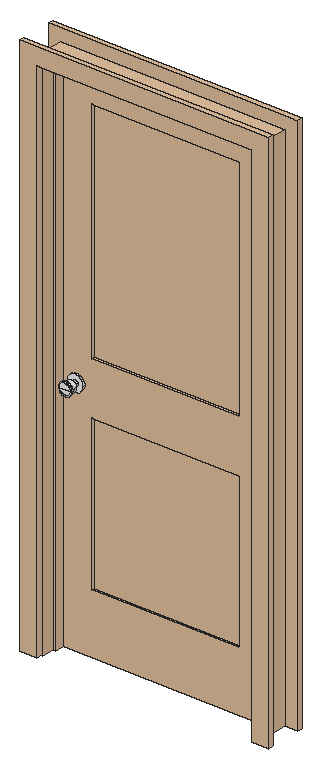
Revit family "M_Porta-Interna-Única-2_Painel-Madeira", category Portas, Revit 2019
Family settings
  Hospedeiro = Parede
  Número OmniClass = 23.30.10.00
  Título OmniClass = Doors
  Sempre na vertical = Sim
  Corte com vazios quando carregada = Não
  Compartilhado = Não
  Ponto de cálculo do ambiente = Não
Parameters
  Visual Light Transmittance = 0
  Material da apara = Cerejeira
  Corrimão superior = 120 mm
  Espessura = 35 mm
  Resistência térmica (R) = 0.455703 (m²·K)/W
  Ângulo de abertura [instance] = 90.00°
  Estilos = 120 mm
  Solar Heat Gain Coefficient = 0
  Rough Width = Width + 50 mm  # 850 mm
  Altura bruta = Altura + 25 mm  # 2025 mm
  Material do painel = Cerejeira
  Bloquear corrimão = 200 mm
  Altura = 2000 mm
  Fechamento da parede = Por hospedeiro
  Width = 800 mm
  Coeficiente de transferência de calor (U) = 2.19465 W/(m²·K)
  Função = Interior
  Material da moldura = Cerejeira
  Material da maçaneta = Alumín. 1
  Corrimão inferior = 230 mm
  Código de montagem = "C1020300"
  Construção analítica = "Madeira"
Reference planes
  plane 1 "Centro (Frente/Trás)": y = 0
  plane 2 "Centro (Esquerda/Direita)": x = 0
  plane 3 "Esquerda": x = -425
  plane 4 "Direita": x = 425
  plane 5 "Superior": z = 2025
  plane 6 "Exterior": y = 53.975
  plane 7 "Interior": y = -60.325
  plane 8 "Painel esquerdo da porta": x = -400
  plane 9 "Painel direito da porta": x = 400
  plane 10 "Topo do painel": z = 2000
  plane 11: z = 0
  plane 12: z = 0
  plane 13: x = 418.65
  plane 14: y = 18.975
  plane 15: y = -15.95
  plane 16: x = 387.3
  plane 17: y = 18.975
  plane 18: z = 230
  plane 19: z = 1880
  plane 20: x = 280
  plane 21: x = -280
  plane 22: z = 814.4
  plane 23: z = 1014.4
  plane 24: y = 30.642
  plane 25: y = 42.308
  plane 26: z = 914.4
Forms (mm)
  Sweep 1, solid, material "Cerejeira" <- "Material da moldura"
    path origin (0, 0, 0) x (1, 0, 0) y (0, 0, 1)
      loop
        line (425, 0) -> (425, 2025) -> (-425, 2025) -> (-425, 0)
    profile origin (425, 0, 1012.5) x (-1, 0, 0) y (0, -1, 0)
      loop
        line (25, -53.975) -> (25, -18.975) -> (37.7, -18.975) -> (37.7, 15.95) -> (25, 15.95) -> (25, 60.325) -> (0, 60.325) -> (0, -53.975) -> (25, -53.975)
  Extrusion 2, solid, material "Cerejeira" <- "Material do painel"
    sketch origin (0, 0, 0) x (1, 0, 0) y (0, 0, 1)
      loop
        line (400, 2000) -> (-400, 2000) -> (-400, 0) -> (400, 0) -> (400, 2000)
      loop
        line (280, 1880) -> (-280, 1880) -> (-280, 1014.4) -> (280, 1014.4) -> (280, 1880)
      loop
        line (280, 814.4) -> (-280, 814.4) -> (-280, 230) -> (280, 230) -> (280, 814.4)
    from -53.975 to -18.975
  Extrusion 3, solid, material "Cerejeira" <- "Material do painel"
    sketch origin (0, 0, 0) x (1, 0, 0) y (0, 0, 1)
      loop
        line (280, 1880) -> (-280, 1880) -> (-280, 1014.4) -> (280, 1014.4) -> (280, 1880)
      loop
        line (280, 814.4) -> (-280, 814.4) -> (-280, 230) -> (280, 230) -> (280, 814.4)
    from -42.308 to -30.642
  Sweep 4, solid, material "Cerejeira" <- "Material da apara", detail levels fine
    path origin (0, 53.975, 0) x (1, 0, 0) y (0, 0, 1)
      loop
        line (400, 0) -> (400, 2000) -> (-400, 2000) -> (-400, 0)
    profile "Perfil de caixa-plano : 20 x 65mm" origin (400, 53.975, 1000) x (-1, 0, 0) y (0, -1, 0)
      loop
        line (-6.35, -20) -> (-6.35, 0) -> (-71.35, 0) -> (-71.35, -20) -> (-6.35, -20)
  Sweep 5, solid, material "Cerejeira" <- "Material da apara", detail levels fine
    path origin (0, -60.325, 0) x (1, 0, 0) y (0, 0, 1)
      loop
        line (400, 0) -> (400, 2000) -> (-400, 2000) -> (-400, 0)
    profile "Perfil de caixa-plano : 20 x 65mm" origin (400, -60.325, 1000) x (-1, 0, 0) y (0, -1, 0)
      loop
        line (-6.35, 20) -> (-71.35, 20) -> (-71.35, 0) -> (-6.35, 0) -> (-6.35, 20)
Lines and regions (mm)
  Opening 1
    outline origin (-2286, -60.325, 0) x (1, 0, 0) y (0, 0, 1)
      loop
        line (1861, 0) -> (2711, 0) -> (2711, 2025) -> (1861, 2025) -> (1861, 0)
  Masking region 1, detail levels coarse+medium
    outline origin (0, 0, 0) x (1, 0, 0) y (0, 1, 0)
      loop
        line (-425, 53.975) -> (-425, -60.325) -> (-400, -60.325) -> (-400, 53.975) -> (-425, 53.975)
      loop
        line (425, 53.975) -> (400, 53.975) -> (400, -60.325) -> (425, -60.325) -> (425, 53.975)
  Masking region 2, detail levels fine
    outline origin (-25.4, 0, 0) x (1, 0, 0) y (0, 1, 0)
      loop
        line (-399.6, 53.975) -> (-399.6, -60.325) -> (-374.6, -60.325) -> (-374.6, -15.95) -> (-361.9, -15.95) -> (-361.9, 18.975) -> (-374.6, 18.975) -> (-374.6, 53.975) -> (-399.6, 53.975)
      loop
        line (450.4, 53.975) -> (425.4, 53.975) -> (425.4, 18.975) -> (412.7, 18.975) -> (412.7, -15.95) -> (425.4, -15.95) -> (425.4, -60.325) -> (450.4, -60.325) -> (450.4, 53.975)
  Masking region 3, detail levels fine
    outline origin (0, 0, 0) x (1, 0, 0) y (0, 1, 0)
      loop
        line (-471.35, 73.975) -> (-471.35, 53.975) -> (-406.35, 53.975) -> (-406.35, 73.975) -> (-471.35, 73.975)
      loop
        line (-471.35, -60.325) -> (-471.35, -80.325) -> (-406.35, -80.325) -> (-406.35, -60.325) -> (-471.35, -60.325)
      loop
        line (406.35, 73.975) -> (406.35, 53.975) -> (471.35, 53.975) -> (471.35, 73.975) -> (406.35, 73.975)
      loop
        line (406.35, -60.325) -> (406.35, -80.325) -> (471.35, -80.325) -> (471.35, -60.325) -> (406.35, -60.325)
  Masking region 4
    outline origin (0, 0, 0) x (0, 1, 0) y (0, 0, 1)
      loop
        line (53.975, 2025) -> (-60.325, 2025) -> (-60.325, 2018.65) -> (53.975, 2018.65) -> (53.975, 2025)
  symbolic lines, style "Giro da elevação"
    curve 1: line (-400, 53.975, 2000) -> (400, 53.975, 1000)
    curve 2: line (400, 53.975, 1000) -> (-400, 53.975, 0)
Text (mm)
  text "Exterior" at (-1904.17, 693.701, 0), in view "Nível de referência"
  text "Interior" at (-1904.17, -638.649, 0), in view "Nível de referência"
  text "Exterior" at (0, 1019.848, 3124.603), in view "Direita"
  text "Interior" at (0, -1635.541, 3124.603), in view "Direita"
  text "Interior" at (0, -787.806, 3124.376), in view "Esquerda"
  text "Exterior" at (0, 1386.095, 3124.376), in view "Esquerda"
Dimensions and locks
  equal spacing: plane 3 "Esquerda", plane 2 "Centro (Esquerda/Direita)", plane 4 "Direita"
  "Altura bruta": level to plane 5 "Superior"
  equal spacing: plane 8 "Painel esquerdo da porta", plane 2 "Centro (Esquerda/Direita)", plane 9 "Painel direito da porta"
  "Width": plane 8 "Painel esquerdo da porta" to plane 9 "Painel direito da porta"
  "Altura": level to plane 10 "Topo do painel"
  plane 11 to plane 12 = 0 mm
  locked: plane 13 to plane 4 "Direita" at 6.35
  "Espessura": plane 14 to plane 6 "Exterior"
  locked: plane 14 to plane 15 at 34.925
  locked: plane 16 to plane 9 "Painel direito da porta" at 12.7
  "Espessura": plane 6 "Exterior" to plane 17
  "Rough Width": plane 3 "Esquerda" to plane 4 "Direita"
  "Corrimão superior": plane 19 to plane 10 "Topo do painel"
  "Estilos": plane 20 to plane 9 "Painel direito da porta"
  "Estilos": plane 8 "Painel esquerdo da porta" to plane 21
  "Bloquear corrimão": plane 22 to plane 23
  equal spacing: plane 17, plane 24, plane 25, plane 6 "Exterior"
  locked: plane 12 to plane 26 at 914.4
  equal spacing: plane 22, plane 26, plane 23
  equal spacing: plane 12, curve 2, plane 10 "Topo do painel"
  "Corrimão inferior": plane 18 to plane 11
  locked: plane 5 "Superior" to Masking region 4 sketch curve at 6.35
  aligned and locked: plane 3 "Esquerda" to Opening 1 sketch curve
  aligned and locked: plane 5 "Superior" to Opening 1 sketch curve  (x2)
  aligned and locked: Opening 1 sketch curve to plane 4 "Direita"
  aligned and locked: Opening 1 sketch curve to level
  aligned and locked: plane 6 "Exterior" to host wall
  aligned and locked: plane 7 "Interior" to host wall
  aligned and locked: plane 5 "Superior" to Sweep 1 sketch curve
  aligned and locked: plane 4 "Direita" to Sweep 1 sketch curve
  aligned and locked: Sweep 1 sketch curve to plane 3 "Esquerda"
  aligned and locked: plane 11 to level
  aligned and locked: plane 11 to Sweep 1 sketch curve  (x2)
  aligned and locked: Sweep 1 sketch curve to plane 9 "Painel direito da porta"
  aligned and locked: Sweep 1 sketch curve to host wall
  aligned and locked: Sweep 1 sketch curve to plane 7 "Interior"
  aligned and locked: Sweep 1 sketch curve to plane 15
  aligned and locked: Sweep 1 sketch curve to plane 16
  aligned and locked: plane 14 to Sweep 1 sketch curve
  aligned and locked: Extrusion 2 sketch curve to plane 10 "Topo do painel"
  aligned and locked: Extrusion 2 sketch curve to plane 8 "Painel esquerdo da porta"
  aligned and locked: plane 9 "Painel direito da porta" to Extrusion 2 sketch curve
  aligned and locked: Extrusion 2 sketch curve to plane 12
  aligned and locked: Extrusion 2 to plane 17
  aligned and locked: Extrusion 2 to plane 6 "Exterior"
  aligned and locked: Extrusion 2 sketch curve to plane 19
  aligned and locked: Extrusion 2 sketch curve to plane 21  (x2)
  aligned and locked: plane 23 to Extrusion 2 sketch curve
  aligned and locked: plane 20 to Extrusion 2 sketch curve  (x2)
  aligned and locked: Extrusion 2 sketch curve to plane 22
  aligned and locked: plane 18 to Extrusion 2 sketch curve
  aligned and locked: Extrusion 3 sketch curve to plane 19
  aligned and locked: plane 20 to Extrusion 3 sketch curve  (x2)
  aligned and locked: Extrusion 3 sketch curve to plane 21  (x2)
  aligned and locked: plane 23 to Extrusion 3 sketch curve
  aligned and locked: Extrusion 3 sketch curve to plane 22
  aligned and locked: plane 18 to Extrusion 3 sketch curve
  aligned and locked: plane 25 to Extrusion 3
  aligned and locked: Extrusion 3 to plane 24
  aligned and locked: nested 1 to plane 9 "Painel direito da porta"
  aligned and locked: plane 6 "Exterior" to nested 1
  aligned and locked: nested 2 to plane 8 "Painel esquerdo da porta"
  aligned and locked: plane 6 "Exterior" to nested 2
  aligned and locked: plane 8 "Painel esquerdo da porta" to nested 3
  aligned and locked: nested 3 to plane 17
  aligned and locked: plane 9 "Painel direito da porta" to Sweep 4 sketch curve
  aligned and locked: Sweep 4 sketch curve to plane 8 "Painel esquerdo da porta"
  aligned and locked: Sweep 4 sketch curve to plane 10 "Topo do painel"
  aligned and locked: Sweep 5 sketch curve to plane 9 "Painel direito da porta"
  aligned and locked: plane 10 "Topo do painel" to Sweep 5 sketch curve
  aligned and locked: plane 8 "Painel esquerdo da porta" to Sweep 5 sketch curve
  aligned and locked: Masking region 1 sketch curve to plane 3 "Esquerda"
  aligned and locked: plane 8 "Painel esquerdo da porta" to Masking region 1 sketch curve
  aligned and locked: Masking region 1 sketch curve to plane 7 "Interior"
  aligned and locked: plane 6 "Exterior" to Masking region 1 sketch curve
  aligned and locked: plane 9 "Painel direito da porta" to Masking region 1 sketch curve
  aligned and locked: Masking region 1 sketch curve to plane 4 "Direita"
  aligned and locked: plane 7 "Interior" to Masking region 1 sketch curve
  aligned and locked: Masking region 1 sketch curve to plane 6 "Exterior"
  aligned and locked: plane 11 to Sweep 4 sketch curve  (x2)
  aligned and locked: plane 11 to Sweep 5 sketch curve  (x2)
  aligned and locked: plane 8 "Painel esquerdo da porta" to Masking region 2 sketch curve
  aligned and locked: Masking region 2 sketch curve to plane 3 "Esquerda"
  aligned and locked: Masking region 2 sketch curve to plane 7 "Interior"
  aligned and locked: plane 6 "Exterior" to Masking region 2 sketch curve
  aligned and locked: Masking region 2 sketch curve to nested 2  (x2)
  aligned and locked: Masking region 2 sketch curve to Sweep 1  (x3)
  aligned and locked: Masking region 3 sketch curve to Sweep 4  (x6)
  aligned and locked: Masking region 3 sketch curve to plane 6 "Exterior"  (x2)
  aligned and locked: plane 7 "Interior" to Masking region 3 sketch curve  (x2)
  aligned and locked: Masking region 3 sketch curve to Sweep 5  (x6)
  aligned and locked: Masking region 2 sketch curve to plane 4 "Direita"
  aligned and locked: plane 9 "Painel direito da porta" to Masking region 2 sketch curve  (x3)
  aligned and locked: plane 17 to Masking region 2 sketch curve
  aligned and locked: Sweep 1 to Masking region 2 sketch curve
  aligned and locked: Sweep 1 sketch curve to profile plane
  aligned and locked: plane 5 "Superior" to Masking region 4 sketch curve
  aligned and locked: plane 6 "Exterior" to Masking region 4 sketch curve
  aligned and locked: Masking region 4 sketch curve to plane 7 "Interior"
Automatic sketch dimensions
  plane 16 to Sweep 1 sketch curve = 12.7 mm
  curve 2 to level = 0 mm
  curve 2 to plane 8 "Painel esquerdo da porta" = 0 mm
  curve 1 to plane 8 "Painel esquerdo da porta" = 0 mm
  curve 2 to plane 9 "Painel direito da porta" = 0 mm
  curve 1 to plane 10 "Topo do painel" = 0 mm
  Masking region 2 sketch curve to host wall = 0 mm  (x2)
  Masking region 2 sketch curve to plane 17 = 0 mm
Nested families
  nested 1: "Porta com abertura única" at (400, 53.975, 0), Ângulo de abertura <- "Ângulo de abertura", type "Único"
    with Abertura visível yes, Ângulo de abertura 90.00°, Ângulo real 90.00°, Width 800 mm, Espessura 35 mm
  nested 2: "M_Maçaneta residencial" at (-400, 53.975, 914.4), type "Padrão", detail levels fine
    with Handle X Distance 63.5 mm
  nested 3: "M_Maçaneta residencial" at (-400, 18.975, 914.4), type "Padrão", detail levels fine
    with Handle X Distance 63.5 mm
Definition of nested family "M_Maçaneta residencial"
  Parameters (values of type "Padrão")
    Manufacturer = ""
    Material = none
    Handle Z Distance = 0 mm
    Handle X Distance = 65 mm
    Analytic Construction = "<Nenhum>"
  Reference planes
    plane 1 "Centro (Frente/Trás)": y = 0
    plane 2: z = 0
    plane 3 "Centro (Esquerda/Direita)": x = 0
    plane 4: z = 0
    plane 5: x = 65
  Forms (mm)
    Extrusion 1, solid, material <- "Material"
      sketch origin (0, 0, 0) x (1, 0, 0) y (0, 0, 1)
        loop
          circle (65, 0) r 30
      from 0 to -6
    Revolve 2, solid, material <- "Material"
      sketch origin (0, 0, 0) x (0, -1, 0) y (1, 0, 0)
        loop
          line (-25, 55) -> (-6, 55) -> (-6, 65) -> (-55, 65) -> (-55, 44.524) -> (-53.172, 40) -> (-49.708, 40) -> (-25, 46.364) -> (-25, 55)
        axis (-6, 65) -> (-55, 65)
      angle from 0 to 360
  Dimensions and locks
    "Handle Z Distance": plane 4 to level
    "Handle X Distance": plane 5 to plane 3 "Centro (Esquerda/Direita)"
  Automatic sketch dimensions
    Extrusion 1 sketch curve to plane 4 = 0 mm
    Extrusion 1 sketch curve to plane 5 = 0 mm
    Revolve 2 sketch curve to plane 5 = 0 mm  (x2)
    Revolve 2 sketch curve to plane 1 "Centro (Frente/Trás)" = 66 mm
    Revolve 2 sketch curve to Revolve 2 sketch curve = 11 mm
    Revolve 2 sketch curve to Revolve 2 sketch curve = 1.828 mm
    Revolve 2 sketch curve to Revolve 2 sketch curve = 3.464 mm
    Revolve 2 sketch curve to plane 1 "Centro (Frente/Trás)" = 25 mm
    Revolve 2 sketch curve to plane 1 "Centro (Frente/Trás)" = 6 mm
    Revolve 2 sketch curve to Revolve 2 sketch curve = 0 mm
    Revolve 2 sketch curve to Revolve 2 sketch curve = 10 mm
    Revolve 2 sketch curve to Revolve 2 sketch curve = 8.636 mm
    Revolve 2 sketch curve to Revolve 2 sketch curve = 20.476 mm
    Revolve 2 sketch curve to Revolve 2 sketch curve = 4.524 mm
    radius of Extrusion 1 sketch curve = 30 mm
Definition of nested family "Porta com abertura única"
  Parameters (values of type "Único")
    Width = 900 mm
    Thickness = 45 mm
    Abertura visível [instance] = Ângulo de abertura > 1.00°  # yes
    Ângulo de abertura [instance] = 45.00°
    Assembly Code = ""
    Analytic Construction = "<Nenhum>"
    Ângulo real [instance] = if(Ângulo de abertura < 1.00°, 1.00°, Ângulo de abertura)  # 45.00°
  Reference planes
    plane 1 "Centro (Frente/Trás)": y = 0
    plane 2: z = 0
    plane 3 "Centro (Esquerda/Direita)": x = 0
    plane 4: x = -900
  Lines and regions (mm)
    Masking region 1
      outline origin (0, 0, 0) x (-0.707107, 0.707107, 0) y (-0.707107, -0.707107, 0)
        loop
          line (0, 0) -> (900, 0) -> (900, 45) -> (0, 45) -> (0, 0)
    symbolic lines
      curve 1: line (0, 0, 0) -> (-900, 0, 0)
    symbolic lines, visible <- "Abertura visível"
      curve 2: arc (-900, 0, 0) -> (-831.492, 344.415, 0) -> (-636.396, 636.396, 0) r 900
    reference lines
      curve 3: line (0, 0, 0) -> (-636.396, 636.396, 0)
    model lines
      curve 4: line (0, 0, 0) -> (0, 0, 25.4)
  Dimensions and locks
    "Width": plane 4 to plane 3 "Centro (Esquerda/Direita)"
    locked: curve 2 to plane 3 "Centro (Esquerda/Direita)"
    locked: curve 2 to plane 1 "Centro (Frente/Trás)"
    "Width": curve 3 to curve 3
    "Thickness": Masking region 1 sketch curve to Masking region 1 sketch curve
    locked: curve 4 to plane 2 at 25.4
    "Width": radius of curve 2
    "Ângulo real": angle curve 2 to curve 2
    "Ângulo de abertura": angle curve 3 to plane 1 "Centro (Frente/Trás)"
    aligned and locked: curve 1 to plane 1 "Centro (Frente/Trás)"
    aligned and locked: plane 3 "Centro (Esquerda/Direita)" to curve 1
    aligned and locked: plane 3 "Centro (Esquerda/Direita)" to curve 3
    aligned and locked: plane 1 "Centro (Frente/Trás)" to curve 3
    aligned and locked: curve 3 to Masking region 1 sketch curve
    aligned and locked: Masking region 1 sketch curve to curve 3  (x2)
    aligned and locked: plane 3 "Centro (Esquerda/Direita)" to curve 4
    aligned and locked: plane 2 to curve 4
Types in the file's own list only (39): name | Transmissão de luz visual | Resistência térmica (R) | Estilos | Coeficiente de ganho de calor solar | Largura bruta | Altura bruta | Altura | Largura | Coeficiente de transferência de calor (U)
  300 x 2000mm | 0 | 0.4557 (m²·K)/W | 60 mm | 0 | 350 mm | 2025 mm | 2000 mm | 300 mm | 2.1946 W/(m²·K)
  350 x 2000mm | 0 | 0.4557 (m²·K)/W | 60 mm | 0 | 400 mm | 2025 mm | 2000 mm | 350 mm | 2.1946 W/(m²·K)
  400 x 2000mm | 0 | 0.4557 (m²·K)/W | 60 mm | 0 | 450 mm | 2025 mm | 2000 mm | 400 mm | 2.1946 W/(m²·K)
  450 x 2000mm | 0 | 0.4557 (m²·K)/W | 120 mm | 0 | 500 mm | 2025 mm | 2000 mm | 450 mm | 2.1946 W/(m²·K)
  500 x 2000mm | 0 | 0.4557 (m²·K)/W | 120 mm | 0 | 550 mm | 2025 mm | 2000 mm | 500 mm | 2.1946 W/(m²·K)
  550 x 2000mm | 0 | 0.4557 (m²·K)/W | 120 mm | 0 | 600 mm | 2025 mm | 2000 mm | 550 mm | 2.1946 W/(m²·K)
  600 x 2000mm | 0 | 0.4557 (m²·K)/W | 120 mm | 0 | 650 mm | 2025 mm | 2000 mm | 600 mm | 2.1946 W/(m²·K)
  650 x 2000mm | 0 | 0.4557 (m²·K)/W | 120 mm | 0 | 700 mm | 2025 mm | 2000 mm | 650 mm | 2.1946 W/(m²·K)
  700 x 2000mm | 0 | 0.4557 (m²·K)/W | 120 mm | 0 | 750 mm | 2025 mm | 2000 mm | 700 mm | 2.1946 W/(m²·K)
  750 x 2000mm | 0 | 0.4557 (m²·K)/W | 120 mm | 0 | 800 mm | 2025 mm | 2000 mm | 750 mm | 2.1946 W/(m²·K)
  800 x 2000mm | 0 | 0.4557 (m²·K)/W | 120 mm | 0 | 850 mm | 2025 mm | 2000 mm | 800 mm | 2.1946 W/(m²·K)
  850 x 2000mm | 0 | 0.4557 (m²·K)/W | 120 mm | 0 | 900 mm | 2025 mm | 2000 mm | 850 mm | 2.1946 W/(m²·K)
  900 x 2000mm | 0 | 0.4557 (m²·K)/W | 120 mm | 0 | 950 mm | 2025 mm | 2000 mm | 900 mm | 2.1946 W/(m²·K)
  300 x 2100mm | 0 | 0.4557 (m²·K)/W | 60 mm | 0 | 350 mm | 2125 mm | 2100 mm | 300 mm | 2.1946 W/(m²·K)
  350 x 2100mm | 0 | 0.4557 (m²·K)/W | 60 mm | 0 | 400 mm | 2125 mm | 2100 mm | 350 mm | 2.1946 W/(m²·K)
  400 x 2100mm | 0 | 0.4557 (m²·K)/W | 60 mm | 0 | 450 mm | 2125 mm | 2100 mm | 400 mm | 2.1946 W/(m²·K)
  450 x 2100mm | 0 | 0.4557 (m²·K)/W | 120 mm | 0 | 500 mm | 2125 mm | 2100 mm | 450 mm | 2.1946 W/(m²·K)
  500 x 2100mm | 0 | 0.4557 (m²·K)/W | 120 mm | 0 | 550 mm | 2125 mm | 2100 mm | 500 mm | 2.1946 W/(m²·K)
  550 x 2100mm | 0 | 0.4557 (m²·K)/W | 120 mm | 0 | 600 mm | 2125 mm | 2100 mm | 550 mm | 2.1946 W/(m²·K)
  600 x 2100mm | 0 | 0.4557 (m²·K)/W | 120 mm | 0 | 650 mm | 2125 mm | 2100 mm | 600 mm | 2.1946 W/(m²·K)
  650 x 2100mm | 0 | 0.4557 (m²·K)/W | 120 mm | 0 | 700 mm | 2125 mm | 2100 mm | 650 mm | 2.1946 W/(m²·K)
  700 x 2100mm | 0 | 0.4557 (m²·K)/W | 120 mm | 0 | 750 mm | 2125 mm | 2100 mm | 700 mm | 2.1946 W/(m²·K)
  750 x 2100mm | 0 | 0.4557 (m²·K)/W | 120 mm | 0 | 800 mm | 2125 mm | 2100 mm | 750 mm | 2.1946 W/(m²·K)
  800 x 2100mm | 0 | 0.4557 (m²·K)/W | 120 mm | 0 | 850 mm | 2125 mm | 2100 mm | 800 mm | 2.1946 W/(m²·K)
  850 x 2100mm | 0 | 0.4557 (m²·K)/W | 120 mm | 0 | 900 mm | 2125 mm | 2100 mm | 850 mm | 2.1946 W/(m²·K)
  900 x 2100mm | 0 | 0.4557 (m²·K)/W | 120 mm | 0 | 950 mm | 2125 mm | 2100 mm | 900 mm | 2.1946 W/(m²·K)
  300 x 2400mm | 0 | 0.4557 (m²·K)/W | 60 mm | 0 | 350 mm | 2425 mm | 2400 mm | 300 mm | 2.1946 W/(m²·K)
  350 x 2400mm | 0 | 0.4557 (m²·K)/W | 60 mm | 0 | 400 mm | 2425 mm | 2400 mm | 350 mm | 2.1946 W/(m²·K)
  400 x 2400mm | 0 | 0.4557 (m²·K)/W | 60 mm | 0 | 450 mm | 2425 mm | 2400 mm | 400 mm | 2.1946 W/(m²·K)
  450 x 2400mm | 0 | 0.4557 (m²·K)/W | 120 mm | 0 | 500 mm | 2425 mm | 2400 mm | 450 mm | 2.1946 W/(m²·K)
  500 x 2400mm | 0 | 0.4557 (m²·K)/W | 120 mm | 0 | 550 mm | 2425 mm | 2400 mm | 500 mm | 2.1946 W/(m²·K)
  550 x 2400mm | 0 | 0.4557 (m²·K)/W | 120 mm | 0 | 600 mm | 2425 mm | 2400 mm | 550 mm | 2.1946 W/(m²·K)
  600 x 2400mm | 0 | 0.4557 (m²·K)/W | 120 mm | 0 | 650 mm | 2425 mm | 2400 mm | 600 mm | 2.1946 W/(m²·K)
  650 x 2400mm | 0 | 0.4557 (m²·K)/W | 120 mm | 0 | 700 mm | 2425 mm | 2400 mm | 650 mm | 2.1946 W/(m²·K)
  700 x 2400mm | 0 | 0.4557 (m²·K)/W | 120 mm | 0 | 750 mm | 2425 mm | 2400 mm | 700 mm | 2.1946 W/(m²·K)
  750 x 2400mm | 0 | 0.4557 (m²·K)/W | 120 mm | 0 | 800 mm | 2425 mm | 2400 mm | 750 mm | 2.1946 W/(m²·K)
  800 x 2400mm | 0 | 0.4557 (m²·K)/W | 120 mm | 0 | 850 mm | 2425 mm | 2400 mm | 800 mm | 2.1946 W/(m²·K)
  850 x 2400mm | 0 | 0.4557 (m²·K)/W | 120 mm | 0 | 900 mm | 2425 mm | 2400 mm | 850 mm | 2.1946 W/(m²·K)
  900 x 2400mm | 0 | 0.4557 (m²·K)/W | 120 mm | 0 | 950 mm | 2425 mm | 2400 mm | 900 mm | 2.1946 W/(m²·K)
